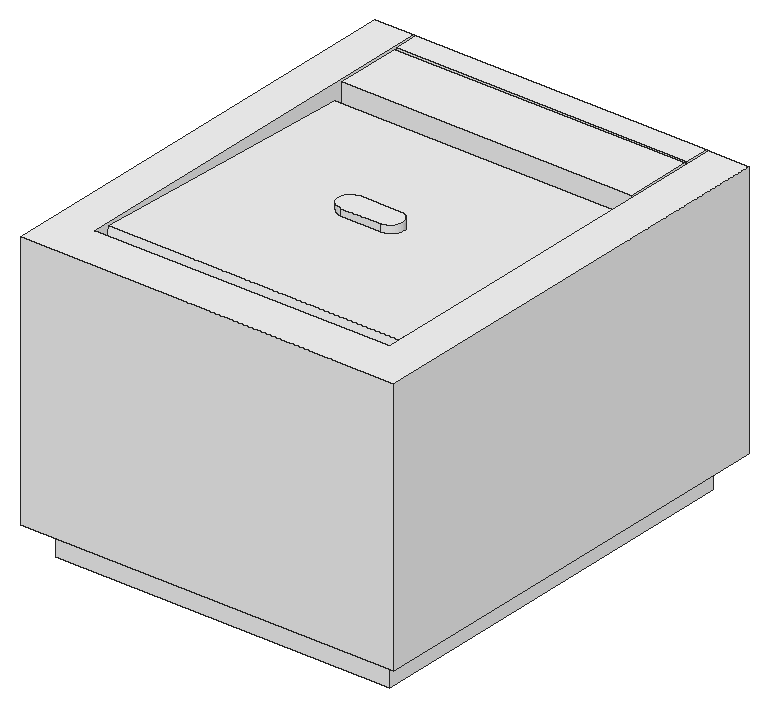
Revit family "Gira_010530", category Electrical Fixtures, host Face, Revit 2017
Family settings
  Host = Face
  Maintain Annotation Orientation = Yes
  Round Connector Dimension = Use Diameter
  Part Type = Normal
  Cut with Voids When Loaded = No
  Shared = No
  Room Calculation Point = No
Parameters (values of type "Wippschalter Serien WG AP Grau")
  Zusammenstellung = "Basiselement mit Komplettgehäuse"
  White [instance] = White
  Werkstoffgüte = "sonstige"
  Werkstoff = "sonstige"
  Waschmaschinenschalter = "No"
  URL = "http://katalog.gira.de/de_DE/datenblatt.html?artikelnr=010530"
  Textfeld/Beschriftungsfläche = "ja"
  Tastschalter = "No"
  Schaltungsart = "Serienschalter"
  Rückmeldekontakt = "No"
  Region = "DE"
  Oberfläche = "sonstige"
  Nennspannung = "250 Volt"
  Name = "Wippschalter Serien WG AP Grau"
  Montageart = "auf Putz"
  Mit Montageplatte = "No"
  Manufacturer URL = "https://www.gira.de/"
  HeinzeBIM = "https://bimportal.heinze.de/bim/wippschalter-serien-wg-ap-grau/78124c9148899853d86de6041eb3167d16340974"
  Halogenfrei = "No"
  HAN = "010530"
  Geeignet für Schutzart (IP) = "IP44"
  GTIN = "4010337105305"
  Farbe = "grau"
  Default Elevation = 1219.2 mm
  Data sheet (1) = "https://katalog.gira.de/de_DE/download.html?artikelnr=010530"
  Category = "Installationsschalter"
  Bemessungsstrom = "10 Ampere"
  Beleuchtung = "nein"
  Befestigungsart = "Schraubbefestigung"
  Bedienungsart = "Wippe/Taste"
  Available = "Yes"
  Anzahl der Module (bei Modulbauweise) = "1 "
  Anzahl der Betätigungswippen = "2 "
  Anschlussart = "Steckklemme"
Reference planes
  plane 1 "Center (Front/Back)": y = 0
  plane 2: z = 0
  plane 3 "Center (Left/Right)": x = 0
  plane 4: x = 30
  plane 5: x = -30
  plane 6: z = 41.4
Forms (mm)
  Extrusion 1, solid, material "White" <- "White", detail levels medium+fine
    sketch origin (0, 0, 0) x (1, 0, 0) y (0, 1, 0)
      loop
        line (-34, 41) -> (-34, -41) -> (34, -41) -> (34, 41) -> (-34, 41)
    from 0 to -6.2
  Extrusion 2, solid, material "White" <- "White", detail levels medium+fine
    sketch origin (0, 0, 0) x (1, 0, 0) y (0, 1, 0)
      loop
        line (-38, 45) -> (-38, -45) -> (38, -45) -> (38, 45) -> (-38, 45)
    from 0 to 52.4
  Extrusion 3, void
    sketch origin (0, 0, 0) x (1, 0, 0) y (0, 0, 1)
      loop
        line (-30, 59.413) -> (-30, 41.4) -> (30, 41.4) -> (30, 59.413) -> (-30, 59.413)
    from 36 to -113.06
  Extrusion 4, solid, material "White" <- "White", detail levels medium
    sketch origin (225, 0, 0) x (1, 0, 0) y (0, 1, 0)
      loop
        line (-254.5, 44.5) -> (-254.5, -35.5) -> (-195.5, -35.5) -> (-195.5, 44.5) -> (-254.5, 44.5)
    from 41.4 to 52.4
  Extrusion 5, solid, material "White" <- "White", detail levels fine
    sketch origin (0, 0, 0) x (1, 0, 0) y (0, 1, 0)
      loop
        line (-29.5, 45) -> (-29.5, 40) -> (29.5, 40) -> (29.5, 45) -> (-29.5, 45)
    from 41.4 to 52.4
  Extrusion 6, solid, material "White" <- "White", detail levels fine
    sketch origin (0, 0, 0) x (1, 0, 0) y (0, 1, 0)
      loop
        line (29.5, 39.5) -> (-29.5, 39.5) -> (-29.5, 26) -> (29.5, 26) -> (29.5, 39.5)
    from 41.4 to 52.4
  Extrusion 7, solid, material "White" <- "White", detail levels fine
    sketch origin (0, 0, 0) x (1, 0, 0) y (0, 1, 0)
      loop
        arc (-4, -1) -> (-6.5, -3.5) -> (-4, -6) r 2.5
        line (-4, -6) -> (4, -6)
        arc (4, -6) -> (6.5, -3.5) -> (4, -1) r 2.5
        line (4, -1) -> (-4, -1)
    from 41.4 to 52.4
  Extrusion 8, solid, material "White" <- "White", detail levels coarse
    sketch origin (0, 0, 0) x (1, 0, 0) y (0, 1, 0)
      loop
        line (-38, 46) -> (-38, -45) -> (38, -45) -> (38, 46) -> (-38, 46)
    from -6.2 to 52.4
  Extrusion 9, solid, material "White" <- "White", detail levels medium+fine
    sketch origin (0, 0, 0) x (1, 0, 0) y (0, 0, 1)
      loop
        circle (0, 14) r 3.6
    from -46 to -45
  Extrusion 10, solid, material "White" <- "White", detail levels fine
    sketch origin (0, 0, 0) x (0, 1, 0) y (0, 0, 1)
      loop
        line (-36, 41.4) -> (26, 41.4) -> (24.38, 49.736) -> (-33.115, 52.169) -> (-36, 41.4)
    from -29.5 to 29.5
Cuts and joins
  Extrusion 3 cuts Extrusion 2
Dimensions and locks
  aligned and locked: plane 2 to host face
  aligned and locked: level to host face
  aligned and locked: plane 3 "Center (Left/Right)" to nested 1
  aligned and locked: plane 1 "Center (Front/Back)" to nested 1
Nested families
  nested 1: "Schalter" at (0, 0, 0), type "Schalter"
Connectors
  electrical at (0, 0, -6.2)
    settings: on Extrusion 1, index 1, voltage 224 V, apparent load 0 VA, apparent load phase1 0 VA, apparent load phase2 0 VA, apparent load phase3 0 VA, power factor 1, load classification "Other", number of poles 1, system type 30, power factor state 1, is connector primary yes, connector utility no, sub classification motor no, connector description ""
Definition of nested family "Schalter"
  Reference planes
    plane 1: y = 0
    plane 2: x = 0
  Lines and regions (mm)
    detail lines
      curve 1: circle (1.375, 2.778, 0) r 0.8 normal (0, 0, 1)
      curve 2: line (1.021, 2.061, 0) -> (0, 0, 0)
      curve 3: line (0, 0, 0) -> (-0.538, 0.266, 0)
  Dimensions and locks
    curve 2 to curve 2 = 2.3 mm
    curve 3 to curve 2 = 0.6 mm
    radius of curve 1 = 0.8 mm
